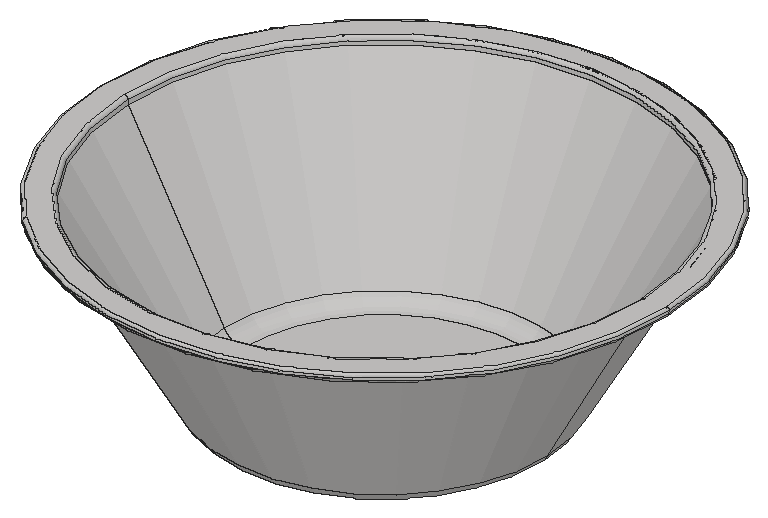
Revit family
Parameters (values of type "Ø 455 X Ø 410")
  Waste Connection Diameter = 40 mm
  Outer Radius Of Bowl = Outer Diameter Of Bowl / 2  # 227.5 mm
  Inner Radius Of Bowl = Inner Diameter Of Bowl / 2  # 205 mm
  Inner Diameter Of Bowl = 410 mm
  Waste Connection Radius = Waste Connection Diameter / 2  # 20 mm
  Waste Connection = 1 = 1  # yes
  WFU = 0
  Vent Connection = 1 = 0  # no
  URL = "http://www.autospec.co.za/browse.php?id=1937217983"
  Product Code = "SPB-EC"
  OmniClass Title = ""
  OmniClass Number = ""
  Modspec Classification = ""
  Specification = ""
  Material = Stainless Steel Grade 430
  Location (revit room) = ""
  Outer Diameter Of Bowl = 455 mm
  HW Connection = 1 = 0  # no
  Description = ""
  Depth Of Bowl = 150 mm
  Colour = none
  CW Connection = 1 = 0  # no
  Body Finish = none
  Model = "Drop-In Preparation Single Bowl SPB-EC"
  Manufacturer = "Kwikot"  # constant formula
  Assembly Code = "D2010410"
Reference planes
  plane 1 "Center (Front/Back)": y = 0
  plane 2 "Bottom": z = 0
  plane 3 "Center (Left/Right)": x = 0
  plane 4 "Top": z = 150
  plane 5: x = 227.5
  plane 6: x = -227.5
  plane 7: x = 205
  plane 8: x = -205
Forms (mm)
  Extrusion 1, solid, material "Stainless Steel Grade 430" <- "Material"
    sketch origin (-330.571, -1524, 150) x (-1, 0, 0) y (0, -1, 0)
      loop
        circle (-330.571, -1524) r 227.5
      loop
        circle (-330.571, -1524) r 205
    from 0 to -6
  Sweep 2, solid, material "Stainless Steel Grade 430" <- "Material"
    path origin (-330.571, -1524, 150) x (-1, 0, 0) y (0, -1, 0)
      loop
        circle (-330.571, -1524) r 205
    profile origin (0, -205, 150) x (0, -1, 0) y (0, 0, 1)
      loop
        line (0, -6) -> (-76.932, -139.25)
        arc (-76.932, -139.25) -> (-83.337, -145.655) -> (-92.087, -148) r 17.5
        line (-92.087, -148) -> (-185, -148) -> (-185, -150) -> (-91.799, -150)
        arc (-91.799, -150) -> (-81.799, -147.321) -> (-74.478, -140) r 20
        line (-74.478, -140) -> (2.887, -6) -> (0, -6)
  Blend 3, solid, material "Stainless Steel Grade 430" <- "Material"
    base sketch origin (0, 0, 0) x (1, 0, 0) y (0, 1, 0)
      loop
        circle (0, 0) r 20
    top sketch origin (0, 0, 0) x (1, 0, 0) y (0, 1, 0)
      loop
        circle (0, 0) r 15
    from 0 to -10
  Sweep 4, void
    path origin (-330.571, -1524, 150) x (-1, 0, 0) y (0, -1, 0)
      loop
        circle (-330.571, -1524) r 227.5
    profile origin (0, 227.5, 150) x (0, -1, 0) y (0, 0, 1)
      loop
        line (0, -6) -> (2, -6)
        arc (2, -6) -> (0.586, -5.414) -> (0, -4) r 2
        line (0, -4) -> (0, -6)
  Sweep 5, void
    path origin (-330.571, -1524, 150) x (-1, 0, 0) y (0, -1, 0)
      loop
        circle (-330.571, -1524) r 227.5
    profile origin (0, 227.5, 150) x (0, -1, 0) y (0, 0, 1)
      loop
        line (0, 0) -> (0, -2)
        arc (0, -2) -> (0.586, -0.586) -> (2, 0) r 2
        line (2, 0) -> (0, 0)
  Sweep 6, void
    path origin (-330.571, -1524, 150) x (-1, 0, 0) y (0, -1, 0)
      loop
        circle (-330.571, -1524) r 205
    profile origin (0, 205, 150) x (0, 1, 0) y (0, 0, 1)
      loop
        line (0, 0) -> (0, -3)
        arc (0, -3) -> (0.879, -0.879) -> (3, 0) r 3
        line (3, 0) -> (0, 0)
Cuts and joins
  Sweep 4, Sweep 5, Sweep 6 cuts Extrusion 1
  Sweep 4, Sweep 5, Sweep 6 cuts Sweep 2
  Sweep 4, Sweep 5, Sweep 6 cuts Blend 3
  joined: Extrusion 1, Sweep 2, Blend 3
Lines and regions (mm)
  symbolic lines
    curve 1: arc (-205, 0, 150) -> (0, 205, 150) -> (205, 0, 150) r 205
    curve 2: arc (205, 0, 150) -> (0, -205, 150) -> (-205, 0, 150) r 205
    curve 3: arc (227.5, 0, 150) -> (0, 227.5, 150) -> (-227.5, 0, 150) r 227.5
    curve 4: arc (-227.5, 0, 150) -> (0, -227.5, 150) -> (227.5, 0, 150) r 227.5
    curve 5: arc (20, 0, 150) -> (0, -20, 150) -> (-20, 0, 150) r 20
    curve 6: arc (-20, 0, 150) -> (0, 20, 150) -> (20, 0, 150) r 20
Dimensions and locks
  "Depth Of Bowl": plane 4 "Top" to plane 2 "Bottom"
  "Waste Connection Radius": plane 1 "Center (Front/Back)" to Sweep 2 sketch curve
  "Outer Diameter Of Bowl": plane 6 to plane 5
  equal spacing: plane 6, plane 3 "Center (Left/Right)", plane 5
  "Inner Diameter Of Bowl": plane 8 to plane 7
  equal spacing: plane 8, plane 3 "Center (Left/Right)", plane 7
  "Outer Radius Of Bowl": radius of Extrusion 1 sketch curve
  "Inner Radius Of Bowl": radius of Extrusion 1 sketch curve
  radius of Blend 3 sketch curve = 15 mm
  aligned and locked: level to plane 2 "Bottom"
  aligned and locked: plane 1 "Center (Front/Back)" to Extrusion 1 sketch curve  (x2)
  aligned and locked: plane 3 "Center (Left/Right)" to Extrusion 1 sketch curve  (x2)
  aligned and locked: Sweep 2 sketch curve to Extrusion 1  (x2)
  aligned and locked: level to Sweep 2 sketch curve
  aligned and locked: Extrusion 1 to Sweep 2 sketch curve
  aligned and locked: Blend 3 sketch curve to cut or joined group of Extrusion 1, Sweep 2, Blend 3, Sweep 4, Sweep 5, Sweep 6  (x2)
  aligned and locked: plane 3 "Center (Left/Right)" to Blend 3 sketch curve
  aligned and locked: plane 1 "Center (Front/Back)" to Blend 3 sketch curve
  aligned and locked: Sweep 4 sketch curve to cut or joined group of Extrusion 1, Sweep 2, Blend 3, Sweep 4, Sweep 5, Sweep 6  (x3)
  aligned and locked: profile plane to Sweep 4 sketch curve
  aligned and locked: curve 1 to cut or joined group of Extrusion 1, Sweep 2, Blend 3, Sweep 4, Sweep 5, Sweep 6
  aligned and locked: curve 2 to cut or joined group of Extrusion 1, Sweep 2, Blend 3, Sweep 4, Sweep 5, Sweep 6
  aligned and locked: curve 3 to cut or joined group of Extrusion 1, Sweep 2, Blend 3, Sweep 4, Sweep 5, Sweep 6
  aligned and locked: curve 4 to cut or joined group of Extrusion 1, Sweep 2, Blend 3, Sweep 4, Sweep 5, Sweep 6
  aligned and locked: curve 5 to cut or joined group of Extrusion 1, Sweep 2, Blend 3, Sweep 4, Sweep 5, Sweep 6
  aligned and locked: curve 6 to cut or joined group of Extrusion 1, Sweep 2, Blend 3, Sweep 4, Sweep 5, Sweep 6
  aligned and locked: Sweep 5 sketch curve to cut or joined group of Extrusion 1, Sweep 2, Blend 3, Sweep 4, Sweep 5, Sweep 6  (x2)
  aligned and locked: profile plane to Sweep 5 sketch curve
  aligned and locked: cut or joined group of Extrusion 1, Sweep 2, Blend 3, Sweep 4, Sweep 5, Sweep 6 to Sweep 5 sketch curve
  aligned and locked: profile plane to Sweep 2 sketch curve
  aligned and locked: Sweep 6 sketch curve to cut or joined group of Extrusion 1, Sweep 2, Blend 3, Sweep 4, Sweep 5, Sweep 6  (x2)
  aligned and locked: profile plane to Sweep 6 sketch curve  (x2)
Automatic sketch dimensions
  Sweep 4 sketch curve to profile plane = 2 mm
  Sweep 4 sketch curve to Sweep 4 sketch curve = 2 mm
  Sweep 4 sketch curve to plane 4 "Top" = 4 mm
  Sweep 4 sketch curve to Sweep 4 sketch curve = 0 mm
  Sweep 4 sketch curve to profile plane = 0 mm
  Sweep 5 sketch curve to plane 4 "Top" = 2 mm
  Sweep 5 sketch curve to Sweep 5 sketch curve = 2 mm
  Sweep 5 sketch curve to Sweep 5 sketch curve = 0 mm
  Sweep 5 sketch curve to plane 4 "Top" = 0 mm
  Sweep 5 sketch curve to profile plane = 0 mm
  profile plane to Sweep 2 sketch curve = 92.087 mm
  Sweep 2 sketch curve to Sweep 2 sketch curve = 0.289 mm
  Sweep 2 sketch curve to Sweep 2 sketch curve = 15.155 mm
  Sweep 2 sketch curve to Sweep 2 sketch curve = 2.454 mm
  Sweep 2 sketch curve to profile plane = 2.887 mm
  Sweep 2 sketch curve to Sweep 2 sketch curve = 2 mm
  Sweep 2 sketch curve to Sweep 2 sketch curve = 8 mm
  Sweep 2 sketch curve to Sweep 2 sketch curve = 0.75 mm
  Sweep 6 sketch curve to Sweep 6 sketch curve = 3 mm  (x2)
  Sweep 6 sketch curve to Sweep 6 sketch curve = 0 mm
  Sweep 6 sketch curve to plane 4 "Top" = 0 mm
  Sweep 6 sketch curve to profile plane = 0 mm
Connectors
  piping at (0, 0, 0), driven by "Waste Connection Radius", driven by "WFU"
    settings: on cut or joined group of Extrusion 1, Sweep 2, Blend 3, Sweep 4, Sweep 5, Sweep 6, index 1, connector radius 20 mm, flow factor 0, pipe flow 0.0 L/s, pressure drop 0.0 Pa, fitting loss kfactor 0, connector angle 0.00°, fixture units 0, flow configuration 3, flow direction 2, fitting loss method 4, system type 16, connector reference index -1, connector utility 0, adjustable connector no, is connector primary yes, fitting loss table "", connector description "Waste Connection"
